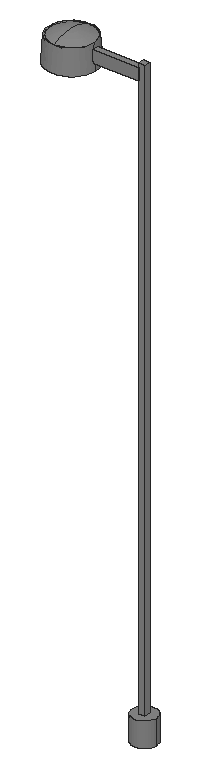
Revit family
Parameters (values of type "250 와트 할로겐")
  Wattage = 250 W
  built-in parameter 1150110 = 1 (stored number, unit not read)
  built-in parameter 1114217 = 1 (stored number, unit not read)
  built-in parameter 1150109 = 1 (stored number, unit not read)
  built-in parameter 1150134 = 3
  built-in parameter 1150113 = 1 (stored number, unit not read)
  재료 = 금속 - 페인트 마감 - 진회색, 무광
  built-in parameter 1150115 = 1 (stored number, unit not read)
  built-in parameter 1150105 = 1591.5 (stored number, unit not read)
  Light Source Symbol Size = 609.60 mm
  built-in parameter 1150137 = (empty or 0)
  built-in parameter 1150139 = (empty or 0)
  built-in parameter 1150112 = 1 (stored number, unit not read)
  built-in parameter 1150114 = 1 (stored number, unit not read)
  built-in parameter 1150132 = (empty or 0)
  built-in parameter 1150102 = (empty or 0)
  built-in parameter 1150138 = (empty or 0)
  built-in parameter 1150107 = 3200 (stored number, unit not read)
  built-in parameter 1150106 = 15.915 (stored number, unit not read)
  높이 = 7620.00 mm
  Lamp = "T-4"
  Lumens = 5000 lm
  Wattage Comments = "250"
  built-in parameter 1150104 = 1.8581 (stored number, unit not read)
  Dimming Lamp Color Temperature Shift = (empty or 0)
  Color Filter = 16777215
  built-in parameter 1114218 = 1 (stored number, unit not read)
  built-in parameter 1150133 = 10 (stored number, unit not read)
Types (4, lengths in mm): name | Wattage | built-in parameter 1150134 | built-in parameter 1150105 | built-in parameter 1150107 | built-in parameter 1150106 | Lamp | Lumens | Wattage Comments | built-in parameter 1150104
  (no name) | 250 W | 3 | 1591.5 (stored number, unit not read) | 3200 (stored number, unit not read) | 15.915 (stored number, unit not read) | "T-4" | 5000 lm | "250" | 1.8581 (stored number, unit not read)
  400 와트 할로겐 | 400 W | 3 | 3183.1 (stored number, unit not read) | 3200 (stored number, unit not read) | 31.831 (stored number, unit not read) | "T-4" | 10000 lm | "400" | 2.3226 (stored number, unit not read)
  250 와트 나트륨 | 250 W | 13 | 9231 (stored number, unit not read) | 2100 (stored number, unit not read) | 92.31 (stored number, unit not read) | "ET-18" | 29000 lm | "250" | 10.777 (stored number, unit not read)
  250 와트 할로겐 | 250 W | 3 | 1591.5 (stored number, unit not read) | 3200 (stored number, unit not read) | 15.915 (stored number, unit not read) | "T-4" | 5000 lm | "250" | 1.8581 (stored number, unit not read)
Reference planes
  plane 1 "광원 축": y = 0
  plane 2: z = 0
  plane 3 "중심": x = 0
  plane 4: z = 7620
  plane 5 "광원 입면도": z = 7315.2
  plane 6: z = 304.8
  plane 7 "광원 축": x = -914.4
  plane 8 "상단": z = 7569.2
  plane 9: z = 7416.8
  plane 10: y = 0
  plane 11: y = 0
Forms (mm)
  Extrusion 1, solid, material "금속 - 페인트 마감 - 진회색, 무광" <- "재료"
    sketch origin (0, 0, 0) x (1, 0, 0) y (0, 1, 0)
      loop
        circle (0, 0) r 152.4
    from 0 to 304.8
  Extrusion 2, solid, material "금속 - 페인트 마감 - 진회색, 무광" <- "재료"
    sketch origin (0, 0, 0) x (1, 0, 0) y (0, 1, 0)
      loop
        line (-38.1, 38.1) -> (-38.1, -38.1) -> (38.1, -38.1) -> (38.1, 38.1) -> (-38.1, 38.1)
    from 304.8 to 7620
  Extrusion 3, solid, material "금속 - 페인트 마감 - 진회색, 무광" <- "재료"
    sketch origin (0, 0, 0) x (1, 0, 0) y (0, 1, 0)
      loop
        line (-38.1, 38.1) -> (-914.4, 38.1) -> (-914.4, -38.1) -> (-38.1, -38.1) -> (-38.1, 38.1)
    from 7416.8 to 7569.2
  Blend 4, solid, material "금속 - 페인트 마감 - 진회색, 무광" <- "재료"
    base sketch origin (0, 0, 0) x (1, 0, 0) y (0, 1, 0)
      loop
        circle (-914.4, 0) r 304.8
    top sketch origin (0, 0, 0) x (1, 0, 0) y (0, 1, 0)
      loop
        circle (-914.4, 0) r 279.4
    from 7315.2 to 7620
  Revolve 5, solid, material "유리 - 젖빛"
    sketch origin (-914.4, 0, 0) x (0, 0, -1) y (0, -1, 0)
      loop
        arc (-7315.2, -266.7) -> (-7264.968, -137.236) -> (-7243.738, 0) r 642.256
        line (-7243.738, 0) -> (-7256.438, 0) -> (-7315.2, -228.633) -> (-7315.2, -266.7)
      axis (-7315.2, 0) -> (-7243.738, 0)
    angle from 0 to 360
  Revolve 6, solid, material "금속 - 페인트 마감 - 진회색, 무광" <- "재료"
    sketch origin (-914.4, 0, 14935.2) x (0, 0, 1) y (0, 1, 0)
      loop
        line (-7315.2, 266.7) -> (-7315.2, 228.633) -> (-7256.438, 0) -> (-7243.738, 0)
        arc (-7243.738, 0) -> (-7264.968, 137.236) -> (-7315.2, 266.7) r 642.256
      axis (-7315.2, 0) -> (-7243.738, 0)
    angle from 0 to 360
Lines and regions (mm)
  Masking region 1
    outline origin (0, 0, 0) x (1, 0, 0) y (0, 1, 0)
      loop
        arc (-611.949, 38.1) -> (-933.487, 304.243) -> (-1219.241, 0) r 304.841
        arc (-1219.241, 0) -> (-933.487, -304.243) -> (-611.949, -38.1) r 304.841
        line (-611.949, -38.1) -> (-147.561, -38.1)
        arc (-147.561, -38.1) -> (19.203, -151.185) -> (152.4, 0) r 152.4
        arc (152.4, 0) -> (19.203, 151.185) -> (-147.561, 38.1) r 152.4
        line (-147.561, 38.1) -> (-611.949, 38.1)
  symbolic lines, style "외부"
    curve 1: arc (12.7, 0, 0) -> (0, 12.7, 0) -> (-12.7, 0, 0) r 12.7
    curve 2: arc (-12.7, 0, 0) -> (0, -12.7, 0) -> (12.7, 0, 0) r 12.7
    curve 3: arc (152.4, 0, 0) -> (19.203, 151.185, 0) -> (-147.561, 38.1, 0) r 152.4
    curve 4: line (38.1, 38.1, 0) -> (-147.561, 38.1, 0)
    curve 5: line (38.1, -38.1, 0) -> (38.1, 38.1, 0)
    curve 6: line (-611.949, -38.1, 0) -> (38.1, -38.1, 0)
    curve 7: arc (-611.949, 38.1, 0) -> (-933.487, 304.243, 0) -> (-1219.241, 0, 0) r 304.841
    curve 8: arc (-1219.241, 0, 0) -> (-933.487, -304.243, 0) -> (-611.949, -38.1, 0) r 304.841
    curve 9: arc (-634.935, 0, 0) -> (-914.4, 279.465, 0) -> (-1193.865, 0, 0) r 279.465
    curve 10: arc (-1193.865, 0, 0) -> (-914.4, -279.465, 0) -> (-634.935, 0, 0) r 279.465
    curve 11: arc (-147.561, -38.1, 0) -> (19.203, -151.185, 0) -> (152.4, 0, 0) r 152.4
    curve 12: line (-147.561, 38.1, 0) -> (-611.949, 38.1, 0)
Dimensions and locks
  "높이": plane 4 to plane 2
  plane 7 "광원 축" to plane 3 "중심" = 914.40 mm
  locked: plane 4 to plane 8 "상단" at 50.8
  locked: plane 8 "상단" to plane 9 at 152.4
  locked: plane 9 to plane 5 "광원 입면도" at 101.6
  aligned and locked: Extrusion 2 to Extrusion 1
  aligned and locked: Extrusion 2 to plane 4
  aligned and locked: Extrusion 3 sketch curve to Extrusion 2  (x2)
  aligned and locked: plane 7 "광원 축" to Extrusion 3 sketch curve
  aligned and locked: plane 9 to Extrusion 3
  aligned and locked: plane 5 "광원 입면도" to Blend 4
  aligned and locked: Blend 4 to plane 4
  aligned and locked: Extrusion 3 to plane 8 "상단"
  aligned and locked: plane 7 "광원 축" to imposter light
  aligned and locked: plane 1 "광원 축" to imposter light
  aligned and locked: plane 5 "광원 입면도" to imposter light
Automatic sketch dimensions
  Extrusion 1 sketch curve to plane 1 "광원 축" = 0.00 mm
  Extrusion 1 sketch curve to plane 3 "중심" = 0.00 mm
  Extrusion 1 sketch curve to plane 3 "중심" = 152.40 mm
  plane 3 "중심" to Extrusion 2 sketch curve = 38.10 mm
  plane 1 "광원 축" to Extrusion 2 sketch curve = 38.10 mm
  Extrusion 2 sketch curve to plane 1 "광원 축" = 38.10 mm
  Extrusion 2 sketch curve to plane 3 "중심" = 38.10 mm
  plane 1 "광원 축" to Extrusion 3 sketch curve = 38.10 mm
  Blend 4 sketch curve to plane 1 "광원 축" = 0.00 mm  (x2)
  Blend 4 sketch curve to plane 7 "광원 축" = 0.00 mm  (x2)
  Blend 4 sketch curve to Blend 4 sketch curve = 304.80 mm
  Blend 4 sketch curve to Blend 4 sketch curve = 279.40 mm
  Revolve 5 sketch curve to plane 1 "광원 축" = 0.00 mm  (x2)
  Revolve 5 sketch curve to plane 5 "광원 입면도" = 0.00 mm  (x2)
  plane 9 to Revolve 5 sketch curve = 25.40 mm
  plane 1 "광원 축" to Revolve 5 sketch curve = 28.992 mm
  Revolve 5 sketch curve to plane 4 = 265.339 mm
  plane 5 "광원 입면도" to Revolve 5 sketch curve = 58.762 mm
  Revolve 5 sketch curve to Revolve 5 sketch curve = 12.70 mm
  Revolve 5 sketch curve to Revolve 5 sketch curve = 38.067 mm
  Revolve 6 sketch curve to plane 1 "광원 축" = 0.00 mm  (x2)
  plane 5 "광원 입면도" to Revolve 6 sketch curve = 265.339 mm
  plane 4 to Revolve 6 sketch curve = 76.20 mm
  Revolve 6 sketch curve to Revolve 6 sketch curve = 76.20 mm
  Revolve 6 sketch curve to plane 4 = 0.00 mm
  Revolve 6 sketch curve to Revolve 6 sketch curve = 58.762 mm
  Revolve 6 sketch curve to Revolve 6 sketch curve = 12.70 mm
  plane 1 "광원 축" to Revolve 6 sketch curve = 28.992 mm
  Revolve 6 sketch curve to Revolve 6 sketch curve = 38.067 mm
  curve 8 to plane 1 "광원 축" = 0.00 mm
  curve 10 to plane 1 "광원 축" = 0.00 mm
  curve 7 to plane 7 "광원 축" = 0.00 mm
  curve 10 to plane 7 "광원 축" = 0.00 mm
  curve 2 to plane 1 "광원 축" = 0.00 mm
  curve 3 to plane 3 "중심" = 0.00 mm
  curve 2 to plane 3 "중심" = 0.00 mm
  curve 7 to curve 9 = 25.376 mm
  curve 2 to plane 3 "중심" = 12.70 mm
  plane 3 "중심" to curve 4 = 38.10 mm
  plane 1 "광원 축" to curve 5 = 38.10 mm
  curve 8 to plane 7 "광원 축" = 0.00 mm
  curve 12 to curve 8 = 0.00 mm
  plane 7 "광원 축" to curve 10 = 279.465 mm
  curve 1 to curve 3 = 0.00 mm
  curve 1 to curve 11 = 0.00 mm
  curve 12 to curve 1 = 134.861 mm
  Masking region 1 sketch curve to Masking region 1 sketch curve = 0.00 mm  (x2)
  Masking region 1 sketch curve to plane 1 "광원 축" = 0.00 mm  (x2)
  Masking region 1 sketch curve to plane 7 "광원 축" = 0.00 mm
  Masking region 1 sketch curve to plane 3 "중심" = 0.00 mm
  plane 7 "광원 축" to Masking region 1 sketch curve = 304.841 mm
  Masking region 1 sketch curve to plane 1 "광원 축" = 38.10 mm
  plane 1 "광원 축" to Masking region 1 sketch curve = 38.10 mm
  Masking region 1 sketch curve to plane 3 "중심" = 147.561 mm
